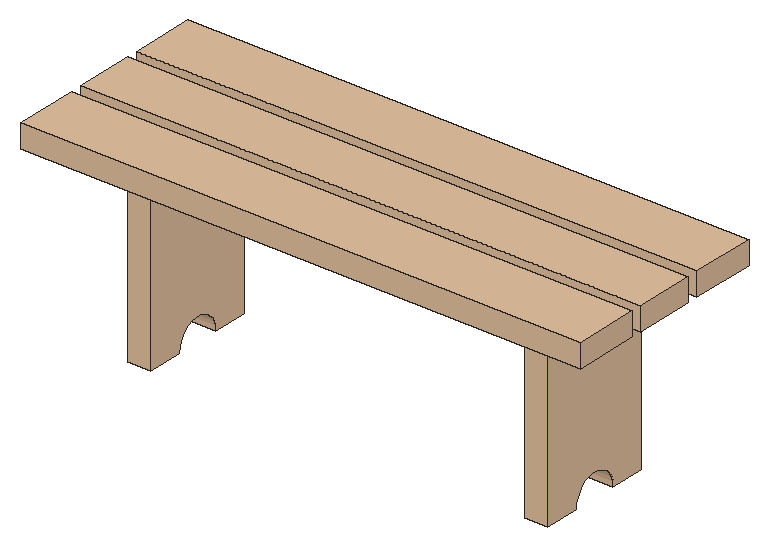
Revit family
Parameters (values of type "1220 x 457 x 457mm")
  Bench Material = Wood - Cherry
  Depth = 457.00 mm
  Height = 457.00 mm
  Width = 1220.00 mm
Types (4, lengths in mm): name | Height | Width
  (no name) | 457.00 | 1220.00
  1220 x 457 x 356mm | 356.00 | 1220.00
  1220 x 457 x 457mm | 457.00 | 1220.00
  1525 x 457 x 457mm | 457.00 | 1525.00
Reference planes
  plane 1 "Center (Front/Back)": y = -180.715
  plane 2: z = 0
  plane 3 "Center (Left/Right)": x = -155.315
  plane 4: y = 47.785
  plane 5: y = -409.215
  plane 6: x = 454.685
  plane 7: x = -765.315
  plane 8: y = -53.815
  plane 9: y = -307.615
  plane 10: y = -307.615
  plane 11: y = -53.815
  plane 12: y = -104.548
  plane 13: y = -256.881
Forms (mm)
  Extrusion 1, solid, material "Wood - Cherry" <- "Bench Material"
    sketch origin (0, 0, 0) x (1, 0, 0) y (0, 1, 0)
      loop
        line (-765.315, 47.785) -> (-765.315, -91.848) -> (454.685, -91.848) -> (454.685, 47.785) -> (-765.315, 47.785)
      loop
        line (-765.315, -409.215) -> (454.685, -409.215) -> (454.685, -269.581) -> (-765.315, -269.581) -> (-765.315, -409.215)
      loop
        line (-765.315, -117.248) -> (-765.315, -244.181) -> (454.685, -244.181) -> (454.685, -117.248) -> (-765.315, -117.248)
    from 406.2 to 457
  Extrusion 2, solid, material "Wood - Cherry" <- "Bench Material"
    sketch origin (-765.315, 47.785, 457) x (0, 0, -1) y (0, -1, 0)
      loop
        line (50.8, 101.6) -> (457, 101.6) -> (457, 177.8)
        arc (457, 177.8) -> (406.3, 228.5) -> (457, 279.2) r 50.7
        line (457, 279.2) -> (457, 355.4) -> (50.8, 355.4) -> (50.8, 101.6)
    from -152.4 to -203.2
  Extrusion 3, solid, material "Wood - Cherry" <- "Bench Material"
    sketch origin (454.685, -91.848, 457) x (0, 0, -1) y (0, 1, 0)
      loop
        line (50.8, -215.767) -> (457, -215.767) -> (457, -139.567)
        arc (457, -139.567) -> (406.3, -88.867) -> (457, -38.167) r 50.7
        line (457, -38.167) -> (457, 38.033) -> (50.8, 38.033) -> (50.8, -215.767)
    from -152.4 to -203.2
Lines and regions (mm)
  Masking region 1
    outline origin (0, 0, 0) x (1, 0, 0) y (0, 1, 0)
      loop
        line (-765.315, 47.785) -> (-765.315, -409.215) -> (454.685, -409.215) -> (454.685, 47.785) -> (-765.315, 47.785)
Dimensions and locks
  equal spacing: plane 7, plane 3 "Center (Left/Right)", plane 6
  equal spacing: plane 5, plane 1 "Center (Front/Back)", plane 4
  "Width": plane 7 to plane 6
  "Depth": plane 5 to plane 4
  "Height": Extrusion 1 to plane 2
  locked: Extrusion 1 to Extrusion 1 at 50.8
  locked: plane 4 to plane 8 at 101.6
  locked: plane 9 to plane 5 at 101.6
  locked: plane 5 to plane 10 at 101.6
  locked: plane 11 to plane 4 at 101.6
  equal spacing: plane 5, plane 13, plane 12, plane 4
  Extrusion 1 sketch curve to plane 12 to Extrusion 1 sketch curve = 12.70 mm, 12.70 mm
  Extrusion 1 sketch curve to plane 13 to Extrusion 1 sketch curve = 12.70 mm, 12.70 mm
  aligned and locked: plane 9 to Extrusion 2 sketch curve
  aligned and locked: Extrusion 2 sketch curve to Extrusion 1
  aligned and locked: plane 10 to Extrusion 3 sketch curve
  aligned and locked: plane 11 to Extrusion 3 sketch curve
  aligned and locked: Extrusion 3 sketch curve to Extrusion 1
  aligned and locked: Masking region 1 sketch curve to plane 7
  aligned and locked: Masking region 1 sketch curve to plane 5
  aligned and locked: plane 4 to Masking region 1 sketch curve
  aligned and locked: plane 6 to Masking region 1 sketch curve
Automatic sketch dimensions
  Extrusion 2 sketch curve to plane 8 = 0.00 mm
  Extrusion 2 sketch curve to level = 0.00 mm
  Extrusion 2 sketch curve to plane 1 "Center (Front/Back)" = 0.00 mm
  Extrusion 2 sketch curve to Extrusion 2 sketch curve = 76.20 mm
  Extrusion 3 sketch curve to level = 0.00 mm
  Extrusion 3 sketch curve to plane 1 "Center (Front/Back)" = 0.00 mm
  Extrusion 3 sketch curve to Extrusion 3 sketch curve = 76.20 mm
  Extrusion 1 sketch curve to plane 7 = 0.00 mm  (x3)
  Extrusion 1 sketch curve to plane 6 = 0.00 mm  (x3)
  Extrusion 1 sketch curve to plane 5 = 0.00 mm
  Extrusion 1 sketch curve to plane 4 = 0.00 mm
